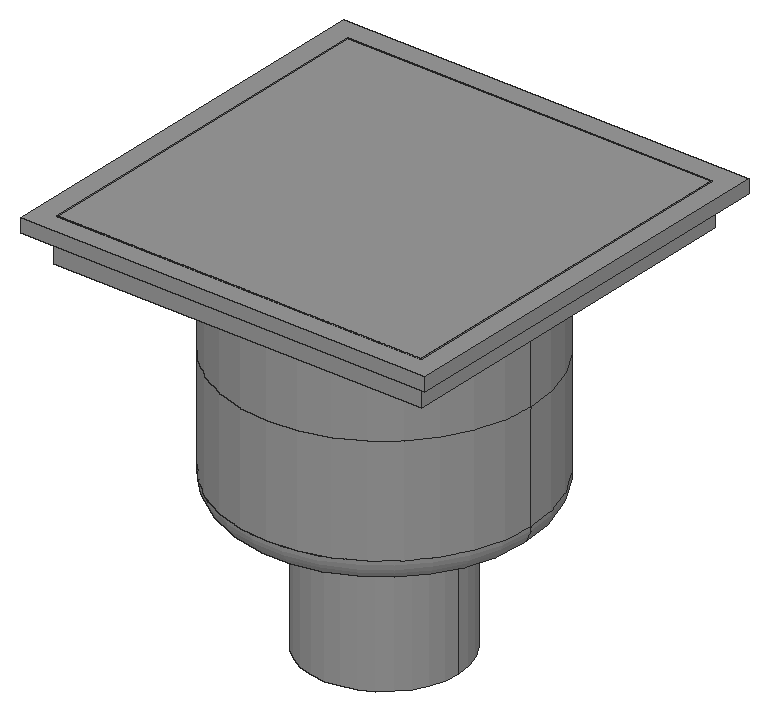
Revit family "ACO AUS Gully 218 Fixed Height - Vertical Outlet - 300x300 topsize 4", category Plumbing Fixtures, host Floor, Revit 2014 (continued)
Definition of nested family "Detail Elements Vertical Outlet Right view 1"
  Automatic sketch dimensions
    curve 248 to curve 248 = 4.000 mm
    plane 3 "Center (Left/Right)" to curve 265 = 51.240 mm
    curve 265 to curve 267 = 0.148 mm
    curve 265 to curve 262 = 0.148 mm
    curve 265 to curve 251 = 0.500 mm
    curve 253 to curve 253 = 0.500 mm
    plane 3 "Center (Left/Right)" to curve 260 = 52.994 mm
    curve 262 to curve 249 = 2.602 mm
    curve 267 to curve 255 = 2.602 mm
    curve 255 to curve 267 = 0.704 mm
    curve 249 to curve 262 = 0.704 mm
    curve 165 to curve 260 = 1.995 mm
    curve 269 to curve 171 = 0.000 mm
    curve 269 to curve 257 = 0.500 mm
    curve 246 to curve 246 = 5.916 mm
    curve 169 to curve 293 = 23.005 mm
    curve 293 to curve 297 = 2.006 mm
    curve 295 to curve 397 = 0.490 mm
    curve 296 to curve 296 = 5.916 mm
    curve 296 to curve 276 = 4.593 mm
    curve 276 to curve 282 = 14.502 mm
    curve 282 to curve 280 = 0.009 mm
    curve 280 to curve 284 = 0.149 mm
    curve 282 to curve 283 = 0.219 mm
    curve 281 to curve 284 = 1.219 mm
    curve 281 to curve 281 = 1.230 mm
    curve 281 to curve 283 = 1.540 mm
    curve 282 to curve 277 = 1.742 mm
    curve 276 to curve 398 = 18.002 mm
    curve 398 to curve 303 = 0.001 mm
    curve 310 to curve 310 = 1.750 mm
    curve 282 to curve 285 = 17.745 mm
    curve 310 to curve 304 = 19.746 mm
    curve 11 to curve 9 = 5.750 mm
    curve 9 to curve 242 = 0.020 mm
    curve 245 to curve 241 = 2.408 mm
    curve 244 to curve 238 = 5.000 mm
    curve 244 to curve 239 = 0.789 mm
    plane 1 "Center (Front/Back)" to curve 307 = 2.000 mm
    plane 1 "Center (Front/Back)" to curve 187 = 43.083 mm
    curve 245 to curve 187 = 8.518 mm
    curve 176 to curve 206 = 0.732 mm
    plane 1 "Center (Front/Back)" to curve 208 = 56.586 mm
    curve 206 to curve 208 = 0.681 mm
    curve 206 to curve 231 = 0.700 mm
    curve 204 to curve 216 = 0.484 mm
    plane 1 "Center (Front/Back)" to curve 185 = 36.332 mm
    curve 176 to curve 185 = 2.160 mm
    curve 179 to curve 182 = 2.454 mm
    curve 179 to curve 182 = 0.000 mm
    curve 212 to curve 215 = 0.813 mm
    curve 214 to curve 226 = 0.678 mm
    curve 183 to curve 175 = 2.747 mm
    curve 183 to curve 197 = 2.748 mm
    curve 212 to curve 235 = 3.376 mm
    curve 175 to curve 236 = 0.366 mm
    curve 189 to curve 198 = 0.851 mm
    curve 235 to curve 219 = 0.583 mm
    curve 219 to curve 222 = 2.442 mm
    curve 198 to curve 196 = 2.938 mm
    curve 207 to curve 232 = 8.383 mm
    curve 189 to curve 181 = 4.907 mm
    curve 221 to curve 217 = 1.516 mm
    curve 178 to curve 232 = 0.000 mm
    curve 193 to curve 191 = 2.000 mm
    curve 217 to curve 222 = 1.552 mm
    plane 1 "Center (Front/Back)" to curve 195 = 22.582 mm
    curve 192 to curve 195 = 2.937 mm
    curve 220 to curve 218 = 2.406 mm
    curve 220 to curve 234 = 2.928 mm
    curve 181 to curve 233 = 4.480 mm
    curve 194 to curve 190 = 1.088 mm
    curve 188 to curve 174 = 0.000 mm
    plane 1 "Center (Front/Back)" to curve 225 = 82.736 mm
    curve 220 to curve 225 = 5.000 mm
    plane 1 "Center (Front/Back)" to curve 213 = 80.779 mm
    curve 223 to curve 213 = 0.551 mm
    curve 177 to curve 180 = 2.454 mm
    curve 177 to curve 180 = 0.000 mm
    curve 188 to curve 183 = 2.748 mm
    curve 234 to curve 216 = 3.437 mm
    curve 232 to curve 204 = 8.340 mm
    plane 1 "Center (Front/Back)" to curve 203 = 50.778 mm
    curve 204 to curve 203 = 0.043 mm
    curve 204 to curve 202 = 0.621 mm
    plane 1 "Center (Front/Back)" to curve 184 = 37.582 mm
    curve 183 to curve 184 = 2.160 mm
    curve 180 to curve 239 = 2.655 mm
    curve 211 to curve 229 = 28.262 mm
    curve 161 to curve 144 = 6.795 mm
    curve 282 to curve 214 = 13.056 mm
    curve 274 to curve 273 = 0.870 mm
    curve 283 to curve 283 = 0.870 mm
    curve 272 to curve 274 = 2.177 mm
    curve 281 to curve 281 = 2.177 mm
    curve 275 to curve 272 = 0.733 mm
    curve 301 to curve 162 = 74.008 mm
    curve 292 to curve 167 = 4.981 mm
    curve 246 to curve 246 = 1.002 mm
    curve 296 to curve 400 = 5.983 mm
    curve 247 to curve 247 = 1.002 mm
    curve 268 to curve 268 = 2.603 mm
    curve 255 to curve 170 = 2.631 mm
    curve 266 to curve 266 = 3.276 mm
    curve 267 to curve 255 = 3.276 mm
    curve 264 to curve 254 = 26.134 mm
    curve 251 to curve 253 = 26.134 mm
    curve 263 to curve 252 = 3.276 mm
    curve 262 to curve 262 = 3.276 mm
    curve 287 to curve 250 = 26.528 mm
    curve 294 to curve 261 = 26.551 mm
    curve 290 to curve 290 = 0.056 mm
    curve 286 to curve 291 = 6.973 mm
    curve 293 to curve 299 = 0.000 mm
    curve 172 to curve 286 = 13.936 mm
    curve 248 to curve 248 = 0.056 mm
    curve 169 to curve 293 = 14.028 mm
    curve 164 to curve 258 = 6.973 mm
    curve 282 to curve 230 = 6.808 mm
    curve 230 to curve 285 = 1.930 mm
    curve 143 to curve 152 = 1.930 mm
    curve 141 to curve 140 = 2.360 mm
    curve 137 to curve 127 = 1.957 mm
    curve 213 to curve 213 = 0.813 mm
    curve 128 to curve 128 = 0.813 mm
    curve 127 to curve 127 = 0.813 mm
    curve 214 to curve 214 = 0.813 mm
    curve 221 to curve 217 = 3.369 mm
    curve 135 to curve 131 = 3.369 mm
    curve 217 to curve 221 = 5.131 mm
    curve 133 to curve 135 = 5.131 mm
    curve 219 to curve 212 = 5.781 mm
    curve 132 to curve 125 = 5.781 mm
    curve 123 to curve 149 = 0.801 mm
    curve 209 to curve 234 = 0.801 mm
    curve 124 to curve 150 = 3.702 mm
    curve 210 to curve 235 = 3.702 mm
    curve 235 to curve 219 = 0.037 mm
    curve 150 to curve 133 = 0.037 mm
    curve 149 to curve 132 = 5.675 mm
    curve 234 to curve 218 = 5.675 mm
    curve 204 to curve 205 = 0.515 mm
    curve 118 to curve 116 = 0.515 mm
    curve 118 to curve 122 = 0.681 mm
    curve 204 to curve 208 = 0.681 mm
    curve 124 to curve 147 = 1.302 mm
    curve 209 to curve 232 = 1.302 mm
    curve 232 to curve 232 = 3.107 mm
    curve 147 to curve 147 = 3.107 mm
    curve 235 to curve 206 = 0.699 mm
    curve 203 to curve 203 = 0.578 mm
    curve 147 to curve 92 = 4.919 mm
    curve 232 to curve 178 = 4.919 mm
    curve 154 to curve 87 = 3.445 mm
    curve 243 to curve 180 = 3.445 mm
    curve 239 to curve 238 = 1.955 mm
    curve 154 to curve 158 = 1.955 mm
    curve 95 to curve 91 = 1.624 mm
    curve 173 to curve 177 = 1.624 mm
    curve 95 to curve 93 = 2.033 mm
    curve 182 to curve 179 = 2.033 mm
    curve 179 to curve 182 = 1.013 mm
    curve 93 to curve 96 = 1.013 mm
    curve 91 to curve 94 = 1.687 mm
    curve 177 to curve 180 = 1.687 mm
    curve 90 to curve 97 = 1.250 mm
    curve 89 to curve 151 = 0.199 mm
    curve 175 to curve 236 = 0.199 mm
    curve 102 to curve 148 = 0.934 mm
    curve 188 to curve 233 = 0.934 mm
    curve 148 to curve 95 = 0.997 mm
    curve 233 to curve 181 = 0.997 mm
    curve 160 to curve 311 = 4.996 mm
    curve 240 to curve 315 = 4.996 mm
    curve 107 to curve 110 = 3.000 mm
    curve 196 to curve 192 = 3.000 mm
    curve 188 to curve 194 = 1.000 mm
    curve 193 to curve 189 = 2.000 mm
    curve 106 to curve 106 = 1.000 mm
    curve 113 to curve 112 = 1.000 mm
    curve 189 to curve 199 = 1.000 mm
    curve 7 to curve 157 = 11.262 mm
    curve 9 to curve 242 = 11.262 mm
    curve 2 to curve 2 = 8.000 mm
    curve 139 to curve 137 = 4.290 mm
    curve 142 to curve 139 = 0.000 mm
    curve 94 to curve 100 = 2.227 mm
    curve 127 to curve 142 = 0.578 mm
    curve 100 to curve 114 = 2.681 mm
    curve 118 to curve 123 = 3.433 mm
    curve 124 to curve 126 = 3.010 mm
    curve 115 to curve 96 = 0.001 mm
    curve 141 to curve 128 = 0.705 mm
    curve 101 to curve 96 = 2.227 mm
    curve 138 to curve 140 = 4.290 mm
    curve 141 to curve 140 = 0.000 mm
    curve 308 to curve 5 = 0.021 mm
    curve 162 to curve 163 = 0.002 mm
    curve 316 to curve 163 = 0.000 mm
    curve 275 to curve 317 = 1.210 mm
    curve 268 to curve 167 = 0.000 mm
    curve 268 to curve 168 = 0.000 mm
    curve 170 to curve 269 = 0.000 mm
    curve 293 to curve 299 = 0.157 mm
    curve 400 to curve 296 = 0.110 mm
    curve 279 to curve 278 = 0.002 mm
    curve 279 to curve 316 = 0.027 mm
    curve 11 to curve 309 = 0.020 mm
    curve 226 to curve 224 = 4.290 mm
    curve 227 to curve 226 = 0.000 mm
    curve 182 to curve 187 = 2.227 mm
    curve 214 to curve 227 = 0.705 mm
    curve 187 to curve 201 = 2.681 mm
    curve 204 to curve 210 = 3.494 mm
    curve 234 to curve 209 = 0.427 mm
    curve 200 to curve 180 = 0.000 mm
    curve 228 to curve 213 = 0.578 mm
    curve 186 to curve 180 = 2.227 mm
    curve 223 to curve 228 = 4.290 mm
    curve 225 to curve 228 = 0.000 mm
    curve 300 to curve 396 = 0.016 mm
    curve 302 to curve 398 = 0.016 mm
    curve 292 to curve 287 = 0.042 mm
    curve 268 to curve 168 = 0.169 mm
    curve 255 to curve 171 = 0.184 mm
    curve 171 to curve 261 = 0.000 mm
    curve 319 to curve 161 = 7.520 mm
    curve 313 to curve 311 = 0.000 mm
    curve 309 to curve 11 = 0.750 mm
    curve 308 to curve 5 = 0.127 mm
    curve 109 to curve 102 = 0.054 mm
    curve 195 to curve 188 = 0.054 mm
Types (9, lengths in mm): name | Weight | Void Radius | Product Code 413029 | Product Code 413028 | Product Code 408233 | Product Code 408223 | Product Code 142008 | Product Code 142006 | Product Code 142005 | Product Code 142004 | Product Code 142003 | Product Code 142002 | Product Code 142001 | Outlet Radius | Outlet Diameter (mm) | Material | Gully Depth | Grating product Code 416944 | Grating product Code 416917 | Grating product Code 416916 | Grating product Code 408145 | Grating product Code 408137 | Grating product Code 142010 | Grating Product Code 408141 | Grating Product Code 408135 | Grating Product Code 408134 | Grating Product Code 408045 | Grating Product Code 408041 | Grating Product Code 408037 | Grating Product Code 408035 | Grating Product Code 408034 | Foul Air Trap & Foul Air Trap Support Ring | 408135 - 268 x 268mm - Mesh Grating - Plain - Stainless Steel 316 | 408035 - 268 x 268mm - Mesh Grating - Plain - Stainless Steel 304 | Outlet Depth | Gully Void Depth | Gully Top Opening | Gully Product Description | Gully Product Code | Gully Material | Foul Air Trap Seal Recycled Material Content | Foul Air Trap Seal Recyclable | Foul Air Trap Seal Material | Foul Air Trap Seal Colour | Flow Rate (l/s) | 160mm Dia Outlet | 110mm Dia Outlet
  (no name) | "3.5" | 55.000 | "N/A" | "2.0 litre removable strainer - Stainless steel grade 304 - 0.9kg" | "N/A" | "0.7 litre removable strainer - Stainless steel grade 304 - 0.6kg" | "N/A" | "N/A" | "N/A" | "N/A" | "N/A" | "N/A" | "N/A" | 55.000 | "110" | Stainless Steel AISI 304 | 198.000 | "Load Class M125 (EN 1253) - Cast grate - Slip Resistant - Stainless steel grade 304 - 168x168x25 - 5.6kg" | "N/A" | "Load Class R50 (EN 1253) - Ladder grate - Slip Resistant - Stainless steel grade 304 - 268x268x25 - 3.5kg" | "N/A" | "N/A" | "Load Class L15 (EN 1253) - 5 Star grate - Slip Resistant - Stainless steel grade 304 - 268x268x25 - 4.1kg" | "N/A" | "N/A" | "N/A" | "Load Class D210 (EN 1253) - Ladder grate - Plain - Stainless steel grade 304 - 268x268x25 - 6.2kg" | "Load Class L15 (EN 1253) - Arla grate - Slip Resistant - Stainless steel grade 304 - 268x268x25 - 1.8kg" | "Load Class M125 (EN 1253) - Ladder grate - Slip Resistant - Stainless steel grade 304 - 168x168x25 - 4.3kg" | "Load Class L15 (EN 1253) - Mesh grate - Plain - Stainless steel grade 304 - 268x268x25 - 2.1kg" | "Load Class L15 (EN 1253) - Mesh grate - Slip Resistant - Stainless steel grade 304 - 268x268x25 - 2.1kg" | no | no | yes | 297.000 | -297.000 | 37.498 | "ACO Gully 218 fixed height DN100 vertical outlet without Foul Air Trap - grade 304" | "142043" | "Stainless steel grade 304" | "N/A" | "N/A" | "N/A" | "N/A" | "12.1" | no | yes
  142043 - Fixed Height without FAT-110mm Outlet-SS304 | "3.5" | 55.000 | "N/A" | "2.0 litre removable strainer - Stainless steel grade 304 - 0.9kg" | "N/A" | "0.7 litre removable strainer - Stainless steel grade 304 - 0.6kg" | "N/A" | "N/A" | "N/A" | "N/A" | "N/A" | "N/A" | "N/A" | 55.000 | "110" | Stainless Steel AISI 304 | 198.000 | "Load Class M125 (EN 1253) - Cast grate - Slip Resistant - Stainless steel grade 304 - 168x168x25 - 5.6kg" | "N/A" | "Load Class R50 (EN 1253) - Ladder grate - Slip Resistant - Stainless steel grade 304 - 268x268x25 - 3.5kg" | "N/A" | "N/A" | "Load Class L15 (EN 1253) - 5 Star grate - Slip Resistant - Stainless steel grade 304 - 268x268x25 - 4.1kg" | "N/A" | "N/A" | "N/A" | "Load Class D210 (EN 1253) - Ladder grate - Plain - Stainless steel grade 304 - 268x268x25 - 6.2kg" | "Load Class L15 (EN 1253) - Arla grate - Slip Resistant - Stainless steel grade 304 - 268x268x25 - 1.8kg" | "Load Class M125 (EN 1253) - Ladder grate - Slip Resistant - Stainless steel grade 304 - 168x168x25 - 4.3kg" | "Load Class L15 (EN 1253) - Mesh grate - Plain - Stainless steel grade 304 - 268x268x25 - 2.1kg" | "Load Class L15 (EN 1253) - Mesh grate - Slip Resistant - Stainless steel grade 304 - 268x268x25 - 2.1kg" | no | no | yes | 297.000 | -297.000 | 37.498 | "ACO Gully 218 fixed height DN100 vertical outlet without Foul Air Trap - grade 304" | "142043" | "Stainless steel grade 304" | "N/A" | "N/A" | "N/A" | "N/A" | "12.1" | no | yes
  142044 - Fixed Height without FAT-110mm Outlet-SS316 | "3.5" | 55.000 | "2.0 litre removable strainer - Stainless steel grade 316 - 0.9kg" | "N/A" | "0.7 litre removable strainer - Stainless steel grade 316 - 0.6kg" | "N/A" | "N/A" | "N/A" | "Retention chain connecting removable strainer to grate - Stainless steel grade 316 - 0.1kg" | "N/A" | "Retention chain connecting fixed strainer to removable strainer - Stainless steel grade 316 - 0.1kg" | "N/A" | "Fixed strainer to suit a 110mm outlet - Stainless steel grade 316 - 0.1kg" | 55.000 | "110" | Stainless Steel AISI 316 | 198.000 | "N/A" | "Load Class R50 (EN 1253) - Ladder grate -  Slip Resistant - Stainless steel grade 316 - 268x268x25 - 3.5kg" | "N/A" | "Load Class D210 (EN 1253) - Ladder grate - Plain - Stainless steel grade 316 - 268x268x25 - 6.2kg" | "Load Class M125 (EN 1253) - Ladder grate -  Slip Resistant - Stainless steel grade 316 - 268x268x25 - 4.3kg" | "N/A" | "Load Class L15 (EN 1253) - Arla grate -  Slip Resistant - Stainless steel grade 316 - 268x268x25 - 1.8kg" | "Load Class L15 (EN 1253) - Mesh grate - Plain - Stainless steel grade 316 - 268x268x25 - 2.1kg" | "Load Class L15 (EN 1253) - Mesh grate -  Slip Resistant - Stainless steel grade 316 - 268x268x25 - 2.1kg" | "N/A" | "N/A" | "N/A" | "N/A" | "N/A" | no | yes | no | 297.000 | -297.000 | 37.498 | "ACO Gully 218 fixed height DN100 vertical outlet without Foul Air Trap - grade 316" | "142044" | "Stainless steel grade 316" | "N/A" | "N/A" | "N/A" | "N/A" | "12.1" | no | yes
  142045 - Fixed Height with FAT-110mm Outlet-SS304 | "4.5" | 55.000 | "N/A" | "2.0 litre removable strainer - Stainless steel grade 304 - 0.9kg" | "N/A" | "0.7 litre removable strainer - Stainless steel grade 304 - 0.6kg" | "N/A" | "N/A" | "N/A" | "N/A" | "N/A" | "N/A" | "N/A" | 55.000 | "110" | Stainless Steel AISI 304 | 198.000 | "Load Class M125 (EN 1253) - Cast grate - Slip Resistant - Stainless steel grade 304 - 168x168x25 - 5.6kg" | "N/A" | "Load Class R50 (EN 1253) - Ladder grate - Slip Resistant - Stainless steel grade 304 - 268x268x25 - 3.5kg" | "N/A" | "N/A" | "Load Class L15 (EN 1253) - 5 Star grate - Slip Resistant - Stainless steel grade 304 - 268x268x25 - 4.1kg" | "N/A" | "N/A" | "N/A" | "Load Class D210 (EN 1253) - Ladder grate - Plain - Stainless steel grade 304 - 268x268x25 - 6.2kg" | "Load Class L15 (EN 1253) - Arla grate - Slip Resistant - Stainless steel grade 304 - 268x268x25 - 1.8kg" | "Load Class M125 (EN 1253) - Ladder grate - Slip Resistant - Stainless steel grade 304 - 168x168x25 - 4.3kg" | "Load Class L15 (EN 1253) - Mesh grate - Plain - Stainless steel grade 304 - 268x268x25 - 2.1kg" | "Load Class L15 (EN 1253) - Mesh grate - Slip Resistant - Stainless steel grade 304 - 268x268x25 - 2.1kg" | yes | no | yes | 297.000 | -297.000 | 37.498 | "ACO Gully 218 fixed height DN100 vertical outlet with Foul Air Trap - grade 304" | "142045" | "Stainless steel grade 304" | "0%" | "Fully recyclable" | "NBR" | "Black" | "4.6" | no | yes
  142046 - Fixed Height with FAT-110mm Outlet-SS316 | "4.5" | 55.000 | "2.0 litre removable strainer - Stainless steel grade 316 - 0.9kg" | "N/A" | "0.7 litre removable strainer - Stainless steel grade 316 - 0.6kg" | "N/A" | "N/A" | "Retention chain connecting removable FAT to grate - Stainless steel grade 316 - 0.1kg" | "Retention chain connecting removable strainer to grate - Stainless steel grade 316 - 0.1kg" | "Retention chain connecting to FAT  to removable strainer - Stainless steel grade 316 - 0.1kg" | "Retention chain connecting fixed strainer to removable strainer - Stainless steel grade 316 - 0.1kg" | "Retention chain connecting fixed strainer to FAT - Stainless steel grade 316 - 0.1kg" | "Fixed strainer to suit a 110mm outlet - Stainless steel grade 316 - 0.1kg" | 55.000 | "110" | Stainless Steel AISI 316 | 198.000 | "N/A" | "Load Class R50 (EN 1253) - Ladder grate -  Slip Resistant - Stainless steel grade 316 - 268x268x25 - 3.5kg" | "N/A" | "Load Class D210 (EN 1253) - Ladder grate - Plain - Stainless steel grade 316 - 268x268x25 - 6.2kg" | "Load Class M125 (EN 1253) - Ladder grate -  Slip Resistant - Stainless steel grade 316 - 268x268x25 - 4.3kg" | "N/A" | "Load Class L15 (EN 1253) - Arla grate -  Slip Resistant - Stainless steel grade 316 - 268x268x25 - 1.8kg" | "Load Class L15 (EN 1253) - Mesh grate - Plain - Stainless steel grade 316 - 268x268x25 - 2.1kg" | "Load Class L15 (EN 1253) - Mesh grate -  Slip Resistant - Stainless steel grade 316 - 268x268x25 - 2.1kg" | "N/A" | "N/A" | "N/A" | "N/A" | "N/A" | yes | yes | no | 297.000 | -297.000 | 37.498 | "ACO Gully 218 fixed height DN100 vertical outlet with Foul Air Trap - grade 316" | "142046" | "Stainless steel grade 316" | "0%" | "Fully recyclable" | "NBR" | "Black" | "4.6" | no | yes
  142047 - Fixed Height without FAT-160mm Outlet-SS304 | "3.4" | 80.000 | "N/A" | "2.0 litre removable strainer - Stainless steel grade 304 - 0.9kg" | "N/A" | "0.7 litre removable strainer - Stainless steel grade 304 - 0.6kg" | "N/A" | "N/A" | "N/A" | "N/A" | "N/A" | "N/A" | "N/A" | 80.000 | "160" | Stainless Steel AISI 304 | 200.000 | "Load Class M125 (EN 1253) - Cast grate - Slip Resistant - Stainless steel grade 304 - 168x168x25 - 5.6kg" | "N/A" | "Load Class R50 (EN 1253) - Ladder grate - Slip Resistant - Stainless steel grade 304 - 268x268x25 - 3.5kg" | "N/A" | "N/A" | "Load Class L15 (EN 1253) - 5 Star grate - Slip Resistant - Stainless steel grade 304 - 268x268x25 - 4.1kg" | "N/A" | "N/A" | "N/A" | "Load Class D210 (EN 1253) - Ladder grate - Plain - Stainless steel grade 304 - 268x268x25 - 6.2kg" | "Load Class L15 (EN 1253) - Arla grate - Slip Resistant - Stainless steel grade 304 - 268x268x25 - 1.8kg" | "Load Class M125 (EN 1253) - Ladder grate - Slip Resistant - Stainless steel grade 304 - 168x168x25 - 4.3kg" | "Load Class L15 (EN 1253) - Mesh grate - Plain - Stainless steel grade 304 - 268x268x25 - 2.1kg" | "Load Class L15 (EN 1253) - Mesh grate - Slip Resistant - Stainless steel grade 304 - 268x268x25 - 2.1kg" | no | no | yes | 275.000 | -275.000 | 12.594 | "ACO Gully 218 fixed height DN150 vertical outlet without Foul Air Trap - grade 304" | "142047" | "Stainless steel grade 304" | "N/A" | "N/A" | "N/A" | "N/A" | "25.8" | yes | no
  142048 - Fixed Height without FAT-160mm Outlet-SS316 | "3.4" | 80.000 | "2.0 litre removable strainer - Stainless steel grade 316 - 0.9kg" | "N/A" | "0.7 litre removable strainer - Stainless steel grade 316 - 0.6kg" | "N/A" | "Fixed strainer to suit a 160mm outlet - Stainless steel grade 316 - 0.1kg" | "N/A" | "Retention chain connecting removable strainer to grate - Stainless steel grade 316 - 0.1kg" | "N/A" | "Retention chain connecting fixed strainer to removable strainer - Stainless steel grade 316 - 0.1kg" | "N/A" | "N/A" | 80.000 | "160" | Stainless Steel AISI 316 | 200.000 | "N/A" | "Load Class R50 (EN 1253) - Ladder grate -  Slip Resistant - Stainless steel grade 316 - 268x268x25 - 3.5kg" | "N/A" | "Load Class D210 (EN 1253) - Ladder grate - Plain - Stainless steel grade 316 - 268x268x25 - 6.2kg" | "Load Class M125 (EN 1253) - Ladder grate -  Slip Resistant - Stainless steel grade 316 - 268x268x25 - 4.3kg" | "N/A" | "Load Class L15 (EN 1253) - Arla grate -  Slip Resistant - Stainless steel grade 316 - 268x268x25 - 1.8kg" | "Load Class L15 (EN 1253) - Mesh grate - Plain - Stainless steel grade 316 - 268x268x25 - 2.1kg" | "Load Class L15 (EN 1253) - Mesh grate -  Slip Resistant - Stainless steel grade 316 - 268x268x25 - 2.1kg" | "N/A" | "N/A" | "N/A" | "N/A" | "N/A" | no | yes | no | 275.000 | -275.000 | 12.594 | "ACO Gully 218 fixed height DN150 vertical outlet without Foul Air Trap - grade 316" | "142048" | "Stainless steel grade 316" | "N/A" | "N/A" | "N/A" | "N/A" | "25.8" | yes | no
  142049 - Fixed Height with FAT-160mm Outlet-SS304 | "4.4" | 80.000 | "N/A" | "2.0 litre removable strainer - Stainless steel grade 304 - 0.9kg" | "N/A" | "0.7 litre removable strainer - Stainless steel grade 304 - 0.6kg" | "N/A" | "N/A" | "N/A" | "N/A" | "N/A" | "N/A" | "N/A" | 80.000 | "160" | Stainless Steel AISI 304 | 200.000 | "Load Class M125 (EN 1253) - Cast grate - Slip Resistant - Stainless steel grade 304 - 168x168x25 - 5.6kg" | "N/A" | "Load Class R50 (EN 1253) - Ladder grate - Slip Resistant - Stainless steel grade 304 - 268x268x25 - 3.5kg" | "N/A" | "N/A" | "Load Class L15 (EN 1253) - 5 Star grate - Slip Resistant - Stainless steel grade 304 - 268x268x25 - 4.1kg" | "N/A" | "N/A" | "N/A" | "Load Class D210 (EN 1253) - Ladder grate - Plain - Stainless steel grade 304 - 268x268x25 - 6.2kg" | "Load Class L15 (EN 1253) - Arla grate - Slip Resistant - Stainless steel grade 304 - 268x268x25 - 1.8kg" | "Load Class M125 (EN 1253) - Ladder grate - Slip Resistant - Stainless steel grade 304 - 168x168x25 - 4.3kg" | "Load Class L15 (EN 1253) - Mesh grate - Plain - Stainless steel grade 304 - 268x268x25 - 2.1kg" | "Load Class L15 (EN 1253) - Mesh grate - Slip Resistant - Stainless steel grade 304 - 268x268x25 - 2.1kg" | yes | no | yes | 275.000 | -275.000 | 12.594 | "ACO Gully 218 fixed height DN150 vertical outlet with Foul Air Trap - grade 304" | "142049" | "Stainless steel grade 304" | "0%" | "Fully recyclable" | "NBR" | "Black" | "4.6" | yes | no
  142050 - Fixed Height with FAT-160mm Outlet-SS316 | "4.4" | 80.000 | "2.0 litre removable strainer - Stainless steel grade 316 - 0.9kg" | "N/A" | "0.7 litre removable strainer - Stainless steel grade 316 - 0.6kg" | "N/A" | "Fixed strainer to suit a 160mm outlet - Stainless steel grade 316 - 0.1kg" | "Retention chain connecting removable FAT to grate - Stainless steel grade 316 - 0.1kg" | "Retention chain connecting removable strainer to grate - Stainless steel grade 316 - 0.1kg" | "Retention chain connecting to FAT  to removable strainer - Stainless steel grade 316 - 0.1kg" | "Retention chain connecting fixed strainer to removable strainer - Stainless steel grade 316 - 0.1kg" | "Retention chain connecting fixed strainer to FAT - Stainless steel grade 316 - 0.1kg" | "N/A" | 80.000 | "160" | Stainless Steel AISI 316 | 200.000 | "N/A" | "Load Class R50 (EN 1253) - Ladder grate -  Slip Resistant - Stainless steel grade 316 - 268x268x25 - 3.5kg" | "N/A" | "Load Class D210 (EN 1253) - Ladder grate - Plain - Stainless steel grade 316 - 268x268x25 - 6.2kg" | "Load Class M125 (EN 1253) - Ladder grate -  Slip Resistant - Stainless steel grade 316 - 268x268x25 - 4.3kg" | "N/A" | "Load Class L15 (EN 1253) - Arla grate -  Slip Resistant - Stainless steel grade 316 - 268x268x25 - 1.8kg" | "Load Class L15 (EN 1253) - Mesh grate - Plain - Stainless steel grade 316 - 268x268x25 - 2.1kg" | "Load Class L15 (EN 1253) - Mesh grate -  Slip Resistant - Stainless steel grade 316 - 268x268x25 - 2.1kg" | "N/A" | "N/A" | "N/A" | "N/A" | "N/A" | yes | yes | no | 275.000 | -275.000 | 12.594 | "ACO Gully 218 fixed height DN150 vertical outlet with Foul Air Trap - grade 316" | "142050" | "Stainless steel grade 316" | "0%" | "Fully recyclable" | "NBR" | "Black" | "4.6" | yes | no
